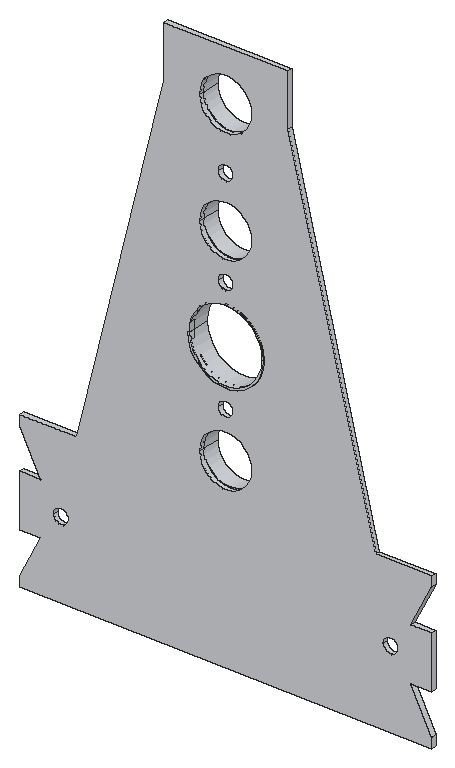
Revit family
Reference planes (in)
  plane 1 "Center (Front/Back)": y = 0
  plane 2: z = 0
  plane 3 "Center (Left/Right)": x = 0
Forms (in)
  Extrusion 1, solid
    sketch origin (0, 0, 0) x (1, 0, 0) y (0, 0, 1)
      loop
        line (-2.5, 0) -> (2.5, 0) -> (2.5, 1.875) -> (1.815, 1.875) -> (0.75, 6.12) -> (0.75, 6.75) -> (-0.75, 6.75) -> (-0.75, 6.12) -> (-1.815, 1.875) -> (-2.5, 1.875) -> (-2.5, 0)
    from 0 to 0.059
  Extrusion 2, void
    sketch origin (0, 0, 0) x (1, 0, 0) y (0, 0, 1)
      loop
        circle (0, 6.13) r 0.316
    from -0.209 to 0.059
  Extrusion 3, void
    sketch origin (0, 0, 0) x (1, 0, 0) y (0, 0, 1)
      loop
        circle (0, 5.38) r 0.09
    from -3.64244 to 0.059
  Extrusion 4, void
    sketch origin (0, 0, -2.57) x (1, 0, 0) y (0, 0, 1)
      loop
        circle (0, 5.38) r 0.09
    from -3.64244 to 0.059
  Extrusion 5, void
    sketch origin (-2, 0, -4.44) x (1, 0, 0) y (0, 0, 1)
      loop
        circle (0, 5.38) r 0.09
    from -3.64244 to 0.059
  Extrusion 6, void
    sketch origin (2, 0, -4.44) x (-1, 0, 0) y (0, 0, -1)
      loop
        circle (0, -5.38) r 0.09
    from -3.64244 to 0.059
  Extrusion 7, void
    sketch origin (0, 0, 0) x (1, 0, 0) y (0, 0, 1)
      loop
        circle (0, 3.5) r 0.441
    from -7.54874 to 0.059
  Extrusion 8, solid
    sketch origin (0, 0, 0) x (1, 0, 0) y (0, 0, 1)
      loop
        circle (0, 6.13) r 0.34
    from 0 to -0.209
  Extrusion 9, void
    sketch origin (0, 0, -1.38) x (1, 0, 0) y (0, 0, 1)
      loop
        circle (0, 6.13) r 0.316
    from -0.209 to 0.059
  Extrusion 10, solid
    sketch origin (0, 0, -1.38) x (1, 0, 0) y (0, 0, 1)
      loop
        circle (0, 6.13) r 0.34
    from 0 to -0.209
  Extrusion 11, void
    sketch origin (0, 0, -3.88) x (1, 0, 0) y (0, 0, 1)
      loop
        circle (0, 6.13) r 0.316
    from -0.209 to 0.059
  Extrusion 12, solid
    sketch origin (0, 0, -3.88) x (1, 0, 0) y (0, 0, 1)
      loop
        circle (0, 6.13) r 0.34
    from 0 to -0.209
  Extrusion 13, solid
    sketch origin (0, 0, 0) x (1, 0, 0) y (0, 0, 1)
      loop
        circle (0, 3.5) r 0.46
    from -0.209 to 0.059
  Extrusion 14, void
    sketch origin (0, 0, -1.19) x (1, 0, 0) y (0, 0, 1)
      loop
        circle (0, 5.38) r 0.09
    from -3.64244 to 0.059
  Extrusion 15, void
    sketch origin (0, 0, 0) x (1, 0, 0) y (0, 0, 1)
      loop
        line (2.5, 1.25661) -> (2.5, 1.75661) -> (2.25, 1.25661) -> (2.5, 1.25661)
      loop
        line (2.5, 0.61839) -> (2.25, 0.61839) -> (2.5, 0.11839) -> (2.5, 0.61839)
    from 0 to 0.059
  Extrusion 16, void
    sketch origin (0, 0, 0) x (-1, 0, 0) y (0, 0, -1)
      loop
        line (2.5, -1.25661) -> (2.25, -1.25661) -> (2.5, -1.75661) -> (2.5, -1.25661)
      loop
        line (2.5, -0.61839) -> (2.5, -0.11839) -> (2.25, -0.61839) -> (2.5, -0.61839)
    from 0 to 0.059
Cuts and joins
  Extrusion 2, Extrusion 3, Extrusion 4, Extrusion 5, Extrusion 6, Extrusion 7, Extrusion 9, Extrusion 11, Extrusion 14, Extrusion 15, Extrusion 16 cuts Extrusion 1
  Extrusion 2, Extrusion 9 cuts Extrusion 8
  Extrusion 9, Extrusion 11 cuts Extrusion 10
  Extrusion 11 cuts Extrusion 12
  Extrusion 7 cuts Extrusion 13
Lines and regions (in)
  model lines
    curve 1: line (0.75, 0, 6.12) -> (1.815, 0, 1.875)
    curve 2: line (0.62128, 0, 5.68789) -> (1.44378, 0, 2.4095)
    curve 3: line (0.46609, 0, 5.64896) -> (1.28859, 0, 2.37056)
    curve 4: arc (0.46609, 0, 5.64896) -> (0.52422, 0, 5.74602) -> (0.62128, 0, 5.68789) r 0.08
    curve 5: arc (1.28859, 0, 2.37056) -> (1.38565, 0, 2.31243) -> (1.44378, 0, 2.4095) r 0.08
    curve 6: line (-0.62128, 0, 5.68789) -> (-1.44378, 0, 2.4095)
    curve 7: line (-0.46609, 0, 5.64896) -> (-1.28859, 0, 2.37056)
    curve 8: arc (-0.46609, 0, 5.64896) -> (-0.52422, 0, 5.74602) -> (-0.62128, 0, 5.68789) r 0.08
    curve 9: arc (-1.28859, 0, 2.37056) -> (-1.38565, 0, 2.31243) -> (-1.44378, 0, 2.4095) r 0.08
Dimensions and locks (in)
  locked: cut or joined group 1 (Extrusion 1, Extrusion 2, Extrusion 3, Extrusion 4, Extrusion 5, Extrusion 6, Extrusion 7, Extrusion 9, Extrusion 11, Extrusion 14, Extrusion 15, Extrusion 16) to cut or joined group 1 at 0.059
  aligned and locked: plane 2 to level
  aligned and locked: cut or joined group of Extrusion 2, Extrusion 8, Extrusion 9 to Extrusion 2
  aligned and locked: cut or joined group 1 to Extrusion 13
  aligned and locked: Extrusion 1 to Extrusion 2
  aligned and locked: Extrusion 1 to Extrusion 9
  aligned and locked: Extrusion 1 to Extrusion 7
  aligned and locked: Extrusion 1 to Extrusion 11
  aligned and locked: Extrusion 1 to Extrusion 5
  aligned and locked: Extrusion 1 to Extrusion 4
  aligned and locked: Extrusion 1 to Extrusion 6
  aligned and locked: Extrusion 1 to Extrusion 3
  aligned and locked: cut or joined group of Extrusion 2, Extrusion 8, Extrusion 9 to Extrusion 13
  aligned and locked: Extrusion 1 to Extrusion 16
  aligned and locked: Extrusion 1 to Extrusion 15
Connectors (in)
  piping at (0, 0.209, 6.13)
    settings: on cut or joined group of Extrusion 2, Extrusion 8, Extrusion 9, index 1, connector radius 1/4", flow factor 0, pipe flow 0 GPM, pressure drop 0.00 psi, fitting loss kfactor 0, connector angle 0.00°, fixture units 0, flow configuration 0, flow direction 0, fitting loss method 0, system type 22, connector reference index -1, connector utility 0, adjustable connector no, is connector primary yes, fitting loss table "", connector description ""
  piping at (0, 0.209, 4.75)
    settings: on cut or joined group of Extrusion 9, Extrusion 10, Extrusion 11, index 2, connector radius 1/4", flow factor 0, pipe flow 0 GPM, pressure drop 0.00 psi, fitting loss kfactor 0, connector angle 0.00°, fixture units 0, flow configuration 0, flow direction 0, fitting loss method 0, system type 22, connector reference index -1, connector utility 0, adjustable connector no, is connector primary no, fitting loss table "", connector description ""
  piping at (0, 0.209, 3.5)
    settings: on cut or joined group of Extrusion 7, Extrusion 13, index 3, connector radius 0.38", flow factor 0, pipe flow 0 GPM, pressure drop 0.00 psi, fitting loss kfactor 0, connector angle 0.00°, fixture units 0, flow configuration 0, flow direction 0, fitting loss method 0, system type 22, connector reference index -1, connector utility 0, adjustable connector no, is connector primary no, fitting loss table "", connector description ""
  piping at (0, 0.209, 2.25)
    settings: on cut or joined group of Extrusion 11, Extrusion 12, index 4, connector radius 1/4", flow factor 0, pipe flow 0 GPM, pressure drop 0.00 psi, fitting loss kfactor 0, connector angle 0.00°, fixture units 0, flow configuration 0, flow direction 0, fitting loss method 0, system type 22, connector reference index -1, connector utility 0, adjustable connector no, is connector primary no, fitting loss table "", connector description ""
  piping at (0, -0.059, 6.13)
    settings: on cut or joined group 1, index 5, connector radius 1/4", flow factor 0, pipe flow 0 GPM, pressure drop 0.00 psi, fitting loss kfactor 0, connector angle 0.00°, fixture units 0, flow configuration 0, flow direction 0, fitting loss method 0, system type 22, connector reference index -1, connector utility 0, adjustable connector no, is connector primary no, fitting loss table "", connector description ""
  piping at (0, -0.059, 4.75)
    settings: on cut or joined group 1, index 6, connector radius 1/4", flow factor 0, pipe flow 0 GPM, pressure drop 0.00 psi, fitting loss kfactor 0, connector angle 0.00°, fixture units 0, flow configuration 0, flow direction 0, fitting loss method 0, system type 22, connector reference index -1, connector utility 0, adjustable connector no, is connector primary no, fitting loss table "", connector description ""
  piping at (0, -0.059, 3.5)
    settings: on cut or joined group of Extrusion 7, Extrusion 13, index 7, connector radius 0.38", flow factor 0, pipe flow 0 GPM, pressure drop 0.00 psi, fitting loss kfactor 0, connector angle 0.00°, fixture units 0, flow configuration 0, flow direction 0, fitting loss method 0, system type 22, connector reference index -1, connector utility 0, adjustable connector no, is connector primary no, fitting loss table "", connector description ""
  piping at (0, -0.059, 2.25)
    settings: on cut or joined group 1, index 8, connector radius 1/4", flow factor 0, pipe flow 0 GPM, pressure drop 0.00 psi, fitting loss kfactor 0, connector angle 0.00°, fixture units 0, flow configuration 0, flow direction 0, fitting loss method 0, system type 22, connector reference index -1, connector utility 0, adjustable connector no, is connector primary no, fitting loss table "", connector description ""
